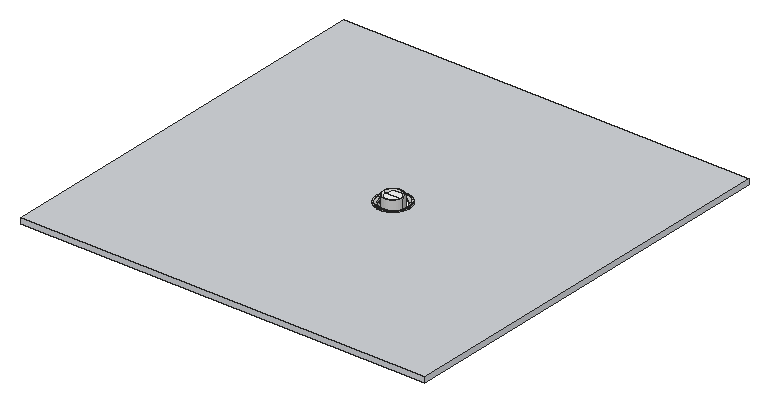
Revit family "Zumtobel VIVO II M - Recessed", category Lighting Fixtures, host Face, Revit 2016
Family settings
  Host = Face
  Part Type = Normal
  Round Connector Dimension = Use Diameter
  OmniClass Number = 23.80.70.11
  OmniClass Title = Luminaries for Internal Lighting
  Cut with Voids When Loaded = No
  Light Source = No
  Shared = No
  Room Calculation Point = No
Parameters (values of type "VIV2-R M 2800-930 SWI FL WH WH")
  Width = 95 mm  # constant formula
  Wattage Comments = ""
  Voltage = 230 V
  URL = "http://www.zumtobel.com/60715752"
  Type Comments = "© Zumtobel. We reserve the right to make technical changes without prior notice."  # constant formula
  Model = "60715752"
  Manufacturer = "Zumtobel Lighting"  # constant formula
  Length = 95 mm  # constant formula
  Lamp = "LED"
  Height = 66 mm  # constant formula
  Emit Shape Visible in Rendering = no
  Description = "Recessed swivelling spotlight"  # constant formula
  Default Elevation = 0 mm
  Body [instance] = Zumtobel_Metal_Aluminium
  Assembly Code = "D5020200"
  Apparent Load = 30 VA
  Angle [instance] = 90.00°
Reference planes
  plane 1 "Center (Front/Back)": y = 0
  plane 2 "Top": z = 0
  plane 3 "Center (Left/Right)": x = -735.5
  plane 4 "Power": z = -38.997
  plane 5: z = 0
  plane 6: x = -788.877
  plane 7: z = -14.82
Forms (mm)
  Extrusion 1, solid
    sketch origin (0, 0, 0) x (1, 0, 0) y (0, 1, 0)
      loop
        line (-1779.055, 1000) -> (-1779.055, -1000) -> (220.945, -1000) -> (220.945, 1000) -> (-1779.055, 1000)
    from 0 to -25
  Extrusion 2, void
    sketch origin (0, 0, 0) x (1, 0, 0) y (0, 1, 0)
      loop
        circle (-735.5, 0) r 75
    from -75 to 0
  Revolve 3, solid, material "Zumtobel_Metal_Aluminium" <- "Body"
    sketch origin (0, 0, 0) x (1, 0, 0) y (0, 0, 1)
      loop
        line (-816.492, 2.5) -> (-816.492, 0) -> (-810.586, 0) -> (-810.586, -13.218) -> (-809.261, -13.218) -> (-809.261, -9.788) -> (-798.127, -9.788) -> (-798.127, -4.315) -> (-809.564, 2.5) -> (-816.492, 2.5)
      axis (-735.5, 2.5) -> (-735.5, -13.218)
    angle from 0 to 360
  Extrusion 4, solid, material "Zumtobel_Metal_Aluminium" <- "Body"
    sketch origin (0, 0, 0) x (1, 0, 0) y (0, 0, 1)
      loop
        line (-808.956, -66) -> (-805.937, -66) -> (-805.937, -9.788) -> (-808.956, -9.788) -> (-808.956, -66)
    from 13 to -13
  Extrusion 5, solid, material "Zumtobel_Metal_Aluminium" <- "Body"
    sketch origin (0, 0, 0) x (1, 0, 0) y (0, 0, 1)
      loop
        line (-802.318, -9.788) -> (-802.318, -19.853) -> (-791.761, -19.853)
        arc (-791.761, -19.853) -> (-794.678, -14.82) -> (-791.761, -9.788) r 5.8
        line (-791.761, -9.788) -> (-802.318, -9.788)
      loop
        circle (-788.877, -14.82) r 5.032
    from -9 to 9
  Extrusion 6, solid, material "Zumtobel_Metal_Aluminium" <- "Body"
    sketch origin (-1103.58, -637.152, 0) x (-0.5, -0.866025, 0) y (0, 0, 1)
      loop
        line (-808.956, -66) -> (-805.937, -66) -> (-805.937, -9.788) -> (-808.956, -9.788) -> (-808.956, -66)
    from 13 to -13
  Extrusion 7, solid, material "Zumtobel_Metal_Aluminium" <- "Body"
    sketch origin (-1103.58, 637.152, 0) x (-0.5, 0.866025, 0) y (0, 0, -1)
      loop
        line (-808.956, 66) -> (-808.956, 9.788) -> (-805.937, 9.788) -> (-805.937, 66) -> (-808.956, 66)
    from 13 to -13
Dimensions and locks
  aligned and locked: plane 2 "Top" to Extrusion 1
  aligned and locked: level to Extrusion 1
  aligned: plane 2 "Top" to Extrusion 2
  aligned and locked: Extrusion 2 to plane 5
  aligned and locked: level to Extrusion 2
Nested families
  nested 1: "Zumtobel VIVO-II M Recessed Body" at (-987.008, 200, -14.82) x (0, 1, 0) z (0, 0, -1), Angle <- "Angle", Body <- "Body", type "VIV2-R M 2800-930 SWI FL WH WH"
    with Body Zumtobel_Metal_Aluminium, Angle 90.00°
Connectors
  electrical at (-735.5, 0, -38.997), driven by "Voltage", driven by "Apparent Load"
    settings: index 1, voltage 230 V, apparent load 30 VA, apparent load phase1 0 VA, apparent load phase2 0 VA, apparent load phase3 0 VA, power factor 1, load classification "Lighting", number of poles 1, system type 30, power factor state 1, is connector primary yes, connector utility no, sub classification motor no, connector description "Power"
Definition of nested family "Zumtobel VIVO-II M Recessed Body"
  Parameters (values of type "VIV2-R M 2800-930 SWI FL WH WH")
    Wattage = 11.4446 W
    built-in parameter 1150110 = 1 (stored number, unit not read)
    URL = ""
    built-in parameter 1114217 = 1 (stored number, unit not read)
    Tilt Angle = 60.00°
    built-in parameter 1150109 = 1 (stored number, unit not read)
    built-in parameter 1150134 = (empty or 0)
    built-in parameter 1150113 = 1 (stored number, unit not read)
    Photometric Web File = "60715515_(STD_LEO).IES"
    Model = ""
    Manufacturer = "Zumtobel Lighting"  # constant formula
    built-in parameter 1150105 = 7483.1 (stored number, unit not read)
    Lumens = 1700 lm
    built-in parameter 1150115 = 1 (stored number, unit not read)
    built-in parameter 1150137 = (empty or 0)
    built-in parameter 1150139 = (empty or 0)
    built-in parameter 1150112 = 1 (stored number, unit not read)
    built-in parameter 1150114 = 1 (stored number, unit not read)
    Lamp = ""
    built-in parameter 1150132 = 2
    built-in parameter 1150102 = (empty or 0)
    built-in parameter 1150107 = 3000 (stored number, unit not read)
    built-in parameter 1150138 = (empty or 0)
    built-in parameter 1150106 = 74.831 (stored number, unit not read)
    built-in parameter 1150104 = 13.8 (stored number, unit not read)
    Dimming Lamp Color Temperature Shift = (empty or 0)
    Description = "Zumtobel VIVO L Body"  # constant formula
    Default Elevation = 0 mm
    Color Filter = 16777215
    Body [instance] = none
    built-in parameter 1114218 = 1 (stored number, unit not read)
    built-in parameter 1150133 = 10 (stored number, unit not read)
    Assembly Code = ""
    Apparent Load = 0 VA
    Angle [instance] = 45.00°
  Reference planes
    plane 1 "Top": z = 0
    plane 2 "Center (Left/Right)": x = -200
    plane 3: y = -199.38
  Forms (mm)
    Revolve 1, solid, material <- "Body"
      sketch origin (-200, -241.372, 35.993) x (0, -0.707107, -0.707107) y (0, 0.707107, -0.707107)
        loop
          line (-41.52, -47.5) -> (43.444, -47.5) -> (43.444, -45.031) -> (37.56, -39.147) -> (37.56, 0.089) -> (-41.52, 0.089) -> (-41.52, -47.5)
        axis (43.444, 0.089) -> (-41.52, 0.089)
      angle from 0 to 360
  Lines and regions (mm)
    reference lines
      curve 1: line (-200, -197.69, 3.625) -> (-200, -233.045, -31.73)
      curve 2: line (-200, -241.372, 35.993) -> (-200, -269.827, 7.538)
      curve 3: line (-200, -272.091, 5.274) -> (-200, -254.413, -12.404)
  Dimensions and locks
    "Angle": angle curve 1 to plane 1 "Top"
    aligned and locked: level to plane 1 "Top"
    aligned and locked: imposter light to curve 3  (x2)
  Automatic sketch dimensions
    plane 3 to curve 1 = 1.69 mm
    level to curve 1 = 3.625 mm
    curve 1 to curve 2 = 8 mm
    curve 2 to curve 1 = 53.775 mm
    curve 2 to curve 1 = 1.758 mm
    Revolve 1 sketch curve to curve 2 = 41.52 mm
    Revolve 1 sketch curve to curve 2 = 0.089 mm  (x2)
    Revolve 1 sketch curve to curve 2 = 2.682 mm
    curve 2 to Revolve 1 sketch curve = 3.202 mm
    Revolve 1 sketch curve to curve 2 = 39.147 mm
    Revolve 1 sketch curve to curve 2 = 45.031 mm
    Revolve 1 sketch curve to Revolve 1 sketch curve = 2.469 mm
    Revolve 1 sketch curve to Revolve 1 sketch curve = 3.032 mm
    Revolve 1 sketch curve to Revolve 1 sketch curve = 22 mm
    curve 3 to curve 2 = 0 mm
    curve 2 to curve 3 = 3.202 mm
    curve 2 to curve 3 = 25 mm
